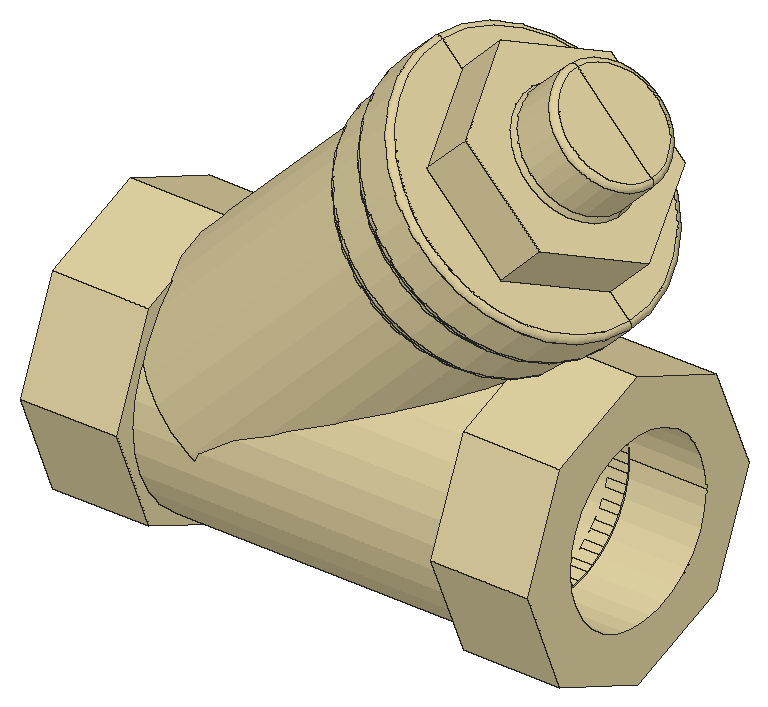
Revit family "DA02060000", category Apparecchi idraulici, Revit 2020
Family settings
  Quota connettore circolare = Usa diametro
  Tipo di parte = Normale
  Numero OmniClass = 23.45.00.00
  Titolo OmniClass = Sanitary, Laundry, and Cleaning Equipment
  Basato su piano di lavoro = No
  Sempre verticale = Sì
  Taglio con vuoti quando caricato = No
  Condiviso = No
  Punto di calcolo locali = No
Parameters
  URL = "https://web.cimberio.it/index.php/figura/1638?subcategoria_id=32"
  Temperatura di esercizio = "-10 ÷ 180°C"
  Prospetto di default = 0 mm
  Produttore = "CIMBERIO SPA"
  Pressione nominale = "PN 20"
  Modello = "Cim 74AOT"
  Materiale = "Prodotto in lega di ottone conforme alla norma EN 12165-CW617N-DW"
  Descrizione = "Utilizzato per la filtrazione degli impianti di riscaldamento, idrici, igienico-sanitari, aria compressa, olii, benzine, vapore saturo e in generale con ogni fluido non corrosivo"
  DN Model [instance] = DA02061032 : DA02061032
  DN [instance] = 31 mm
  Commenti sul tipo = "Realizzato in ottemperanza ai requisiti gestionali della norma EN ISO 9001.\r\nCollaudato al 100% secondo la normativa EN 12266-1"
Reference planes
  plane 1 "Centro (Fronte/Retro)": y = 0
  plane 2: z = 0
  plane 3 "Centro (Sinistra/Destra)": x = 0
Dimensions and locks
  aligned and locked: level to plane 2
Nested families
  nested 1: "DA02061032" at (0, 0, 0), type <- "DN Model", type "DA02061032"
  nested 2: "DA02061032" at (0, 0, 0), type <- "DN Model", type "DA02061032"
  nested 3: "DA02061032" at (0, 0, 0), type <- "DN Model", type "DA02061032"
  nested 4: "DA02061032" at (0, 0, 0), type <- "DN Model", type "DA02061032"
  nested 5: "DA02061032" at (0, 0, 0), type <- "DN Model", type "DA02061032"
  nested 6: "DA02061032" at (0, 0, 0), type <- "DN Model", type "DA02061032"
Connectors
  piping at (29.5, 0, 0), diameter 31, driven by "DN"
    settings: on nested 1, index 1, connector inside diameter 609.6 mm, connector length 0 mm, flow factor 0, pipe flow 0.0 L/s, pressure drop 0.0 Pa, fitting loss kfactor 0, connector angle 0.00°, fixture units 0, engagement length 0 mm, angle of deflection 0.00°, flow configuration 0, flow direction 0, fitting loss method 0, system type 7, joint type 0, gender type 0, connector reference index -1, connector utility 0, adjustable connector no, is connector primary yes, connector description ""
  piping at (-29.5, 0, 0), diameter 31, driven by "DN"
    settings: on nested 1, index 2, connector inside diameter 609.6 mm, connector length 0 mm, flow factor 0, pipe flow 0.0 L/s, pressure drop 0.0 Pa, fitting loss kfactor 0, connector angle 0.00°, fixture units 0, engagement length 0 mm, angle of deflection 0.00°, flow configuration 0, flow direction 0, fitting loss method 0, system type 7, joint type 0, gender type 0, connector reference index -1, connector utility 0, adjustable connector no, is connector primary no, connector description ""
Definition of nested family "DA02061032"
  Parameters (values of type "DA02061032")
    Default Elevation = 0 mm
  Reference planes
    plane 1 "Centro (Fronte/Retro)": y = 0
    plane 2: z = 0
    plane 3 "Centro (Sinistra/Destra)": x = 0
    plane 4: through (16.911, -1524, 39.911) normal (0.7071, 0, -0.7071)
  Forms (mm)
    Revolve 1, solid
      sketch origin (0, 0, 0) x (1, 0, 0) y (0, 0, 1)
        loop
          line (32, -21.5) -> (32, -15.5) -> (-32, -15.5) -> (-32, -21.5) -> (32, -21.5)
        axis (-32, 0) -> (32, 0)
      angle from 0 to 360
    Extrusion 2, solid
      sketch origin (0, 0, 0) x (0, 1, 0) y (0, 0, 1)
        loop
          circle (0, 0) r 15.5
        loop
          line (0, 25) -> (-17.678, 17.678) -> (-25, 0) -> (-17.678, -17.678) -> (0, -25) -> (17.678, -17.678) -> (25, 0) -> (17.678, 17.678) -> (0, 25)
      from -46 to -28.511
    Revolve 3, solid
      sketch origin (0, 0, 0) x (1, 0, 0) y (0, 0, 1)
        loop
          line (16.551, 61.471) -> (10.544, 67.478)
          arc (10.544, 67.478) -> (9.835, 67.774) -> (9.125, 67.48) r 1
          line (9.125, 67.48) -> (4.469, 62.824)
          arc (4.469, 62.824) -> (4.252, 62.5) -> (4.176, 62.117) r 1
          line (4.176, 62.117) -> (4.176, 61.032)
          arc (4.176, 61.032) -> (4.062, 60.458) -> (3.737, 59.971) r 1.5
          line (3.737, 59.971) -> (-0.835, 55.399)
          arc (-0.835, 55.399) -> (-1.051, 55.075) -> (-1.127, 54.693) r 1
          line (-1.127, 54.693) -> (-1.127, 53.607)
          arc (-1.127, 53.607) -> (-1.241, 53.033) -> (-1.566, 52.546) r 1.5
          line (-1.566, 52.546) -> (-36.455, 17.658) -> (-31.859, 13.061) -> (16.551, 61.471)
        axis (27.511, 50.511) -> (-20.899, 2.101)
      angle from 0 to 360
    Extrusion 4, solid
      sketch origin (25.926, 0, 42.926) x (0, 1, 0) y (-0.707107, 0, 0.707107)
        loop
          line (0, -14.79) -> (16.454, -5.29) -> (16.454, 13.71) -> (0, 23.21) -> (-16.454, 13.71) -> (-16.454, -5.29) -> (0, -14.79)
      from 6.41 to 16.493
    Revolve 5, solid
      sketch origin (-1.214, 0, -1.214) x (1, 0, 0) y (0, 0, 1)
        loop
          line (42.973, 65.973) -> (36.255, 72.691)
          arc (36.255, 72.691) -> (35.561, 72.978) -> (34.866, 72.691) r 0.983
          line (34.866, 72.691) -> (29.073, 67.121)
          arc (29.073, 67.121) -> (28.517, 66.869) -> (27.942, 66.664) r 7.394
          line (27.942, 66.664) -> (35.803, 58.803) -> (42.973, 65.973)
        axis (42.973, 65.973) -> (35.803, 58.803)
      angle from 0 to 360
    Extrusion 6, solid
      sketch origin (0, 0, 0) x (0, 1, 0) y (0, 0, -1)
        loop
          circle (0, 0) r 15.5
        loop
          line (0, -25) -> (17.678, -17.678) -> (25, 0) -> (17.678, 17.678) -> (0, 25) -> (-17.678, 17.678) -> (-25, 0) -> (-17.678, -17.678) -> (0, -25)
      from -46 to -28.511
  Lines and regions (mm)
    model lines
      curve 1: line (34.407, 0, 22.415) -> (5.415, 0, 51.407)
  Dimensions and locks
    aligned and locked: level to plane 2
